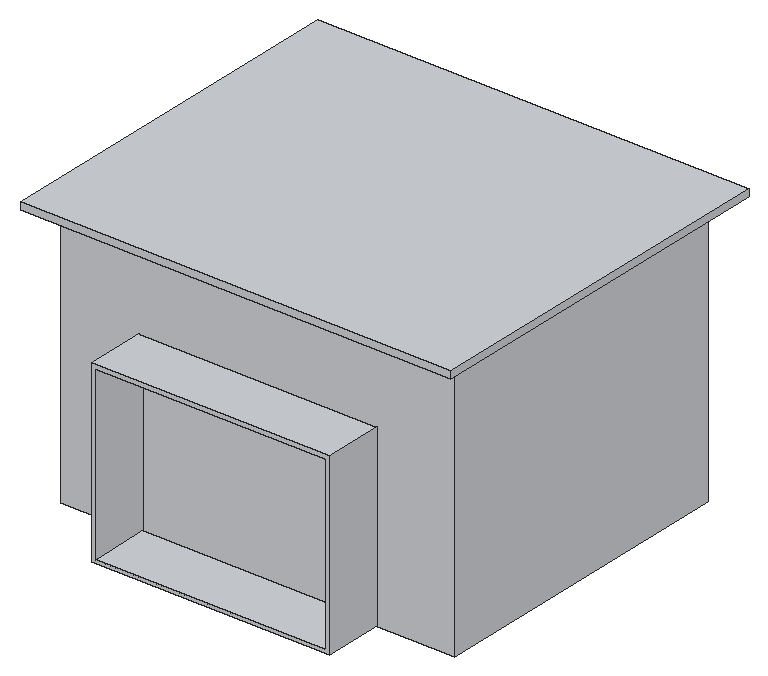
Revit family "TF-1", category Mechanical Equipment, host Face, Revit 2025
Family settings
  Host = Face
  Round Connector Dimension = Use Diameter
  Classification = None
  Part Type = Normal
  Cut with Voids When Loaded = Yes
  Maintain Annotation Orientation = Yes
  Shared = No
  Room Calculation Point = No
Parameters (values of type "SP-A125")
  g_t = 1/8"
  g_H = 1/4"
  g_B = 14 1/2"
  g_A = 12 1/2"
  URL = "https://www.greenheck.com/shop/browse-by-product-model/ceiling-exhaust-fans/sp-a/sp-a125"
  Model = "SP-A125"
  Manufacturer = "GREENHECK"
  Flow = 0 CFM
  E = 6"
  Default Elevation = 48"
  D = 8"
  C = 9"
  B = 10 5/8"
  A = 13 1/4"
Reference planes (in)
  plane 1 "Center (Front/Back)": y = 0
  plane 2: z = 0
  plane 3 "Center (Left/Right)": x = 0
  plane 4: z = -9
  plane 5: z = 0.25
  plane 6 "A Face": y = -5.3125
  plane 7: y = -7.3125
Forms (in)
  Extrusion 1, solid
    sketch origin (0, 0, 0) x (1, 0, 0) y (0, 1, 0)
      loop
        line (-6.625, 5.3125) -> (-6.625, -5.3125) -> (6.625, -5.3125) -> (6.625, 5.3125) -> (-6.625, 5.3125)
    from 0 to -9
  Extrusion 2, solid
    sketch origin (0, 0, 0) x (1, 0, 0) y (0, 1, 0)
      loop
        line (-7.25, 6.25) -> (-7.25, -6.25) -> (7.25, -6.25) -> (7.25, 6.25) -> (-7.25, 6.25)
    from 0 to 0.25
  Extrusion 3, solid
    sketch origin (0, -5.3125, 0) x (-1, 0, 0) y (0, 0, 1)
      loop
        line (4, -9) -> (4, -3) -> (-4, -3) -> (-4, -9) -> (4, -9)
      loop
        line (3.875, -3.125) -> (-3.875, -3.125) -> (-3.875, -8.875) -> (3.875, -8.875) -> (3.875, -3.125)
    from 0 to -2
Dimensions and locks (in)
  equal spacing: Extrusion 1 sketch curve, plane 3 "Center (Left/Right)", Extrusion 1 sketch curve
  equal spacing: Extrusion 1 sketch curve, plane 1 "Center (Front/Back)", Extrusion 1 sketch curve
  "B": Extrusion 1 sketch curve to Extrusion 1 sketch curve
  "A": Extrusion 1 sketch curve to Extrusion 1 sketch curve
  "C": plane 2 to plane 4
  equal spacing: Extrusion 2 sketch curve, plane 3 "Center (Left/Right)", Extrusion 2 sketch curve
  equal spacing: Extrusion 2 sketch curve, plane 1 "Center (Front/Back)", Extrusion 2 sketch curve
  "g_A": Extrusion 2 sketch curve to Extrusion 2 sketch curve
  "g_B": Extrusion 2 sketch curve to Extrusion 2 sketch curve
  "g_H": plane 5 to plane 2
  equal spacing: Extrusion 3 sketch curve, plane 3 "Center (Left/Right)", Extrusion 3 sketch curve
  "D": Extrusion 3 sketch curve to Extrusion 3 sketch curve
  "E": Extrusion 3 sketch curve to plane 4
  "g_t": Extrusion 3 sketch curve to Extrusion 3 sketch curve  (x3)
  "g_t": Extrusion 3 sketch curve to plane 4
  plane 6 "A Face" to plane 7 = 2"
  aligned and locked: plane 2 to host face
  aligned and locked: level to host face
  aligned and locked: plane 4 to Extrusion 1
  aligned and locked: plane 5 to Extrusion 2
  aligned and locked: plane 6 "A Face" to Extrusion 1
  aligned and locked: Extrusion 3 sketch curve to plane 4
  aligned and locked: Extrusion 3 to plane 7
Automatic sketch dimensions
  host sketch curve to host sketch curve = 96"  (x2)
Connectors (in)
  hvac at (0, -7.3125, -6), driven by "Flow"
    settings: on Extrusion 3, index 1, duct flow 0 CFM, flow factor 0, pres drop 0.00 in-wg, loss coef 0, conn angle 0.00°, conn width 8", conn height 6", conn diameter 24", duct sys type 2, conn prof type 1, flow config 0, flow direction 0, loss method 4, conn ref index -1, conn util no, is conn primary yes, conn desc ""
